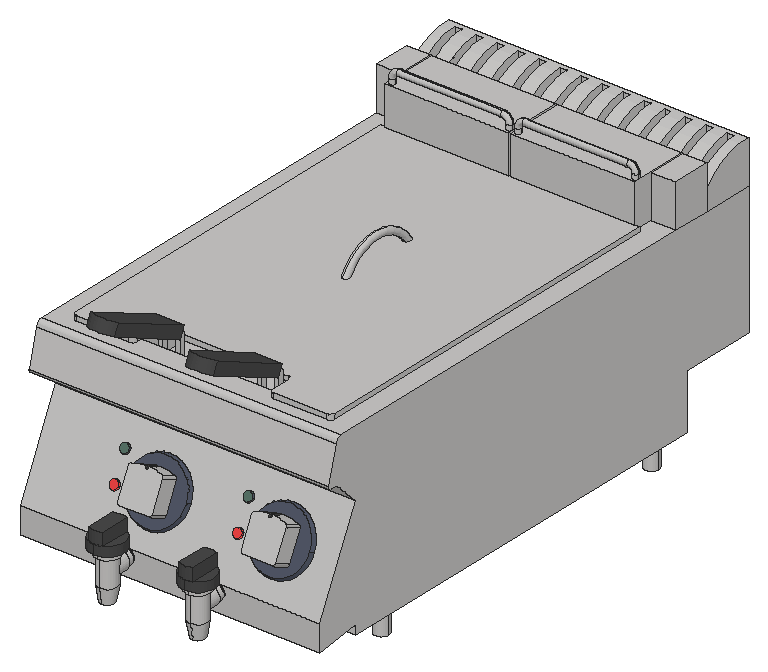
Revit family "QF_ZANUSSI_372074_Z7FRED2A00", category Specialty Equipment, Revit 2018 (continued)
Automatic sketch dimensions
  Revolve 33 sketch curve to Revolve 33 sketch curve = 6.35 mm
  plane 9 "BASE" to Revolve 33 sketch curve = 12.388 mm
  Revolve 33 sketch curve to Revolve 33 sketch curve = 36.341 mm
  Revolve 33 sketch curve to Revolve 33 sketch curve = 7.879 mm
  Revolve 33 sketch curve to Revolve 33 sketch curve = 12.7 mm  (x2)
  Revolve 33 sketch curve to Revolve 33 sketch curve = 0 mm
  Revolve 33 sketch curve to Revolve 33 sketch curve = 15.064 mm
  plane 5 "FRONT" to Revolve 34 sketch curve = 34.322 mm
  plane 5 "FRONT" to Revolve 34 sketch curve = 12.357 mm
  plane 5 "FRONT" to Revolve 34 sketch curve = 3.364 mm
  Revolve 34 sketch curve to plane 5 "FRONT" = 16.478 mm
  plane 9 "BASE" to Revolve 34 sketch curve = 19.447 mm
  Revolve 34 sketch curve to Revolve 34 sketch curve = 1.702 mm
  Revolve 34 sketch curve to Revolve 34 sketch curve = 2.047 mm
  Revolve 34 sketch curve to Revolve 34 sketch curve = 12.303 mm
  Revolve 34 sketch curve to Revolve 34 sketch curve = 0 mm  (x2)
  Revolve 34 sketch curve to Revolve 34 sketch curve = 9.137 mm
  Extrusion 35 sketch curve to Extrusion 35 sketch curve = 0 mm  (x5)
  Extrusion 35 sketch curve to Extrusion 35 sketch curve = 20.063 mm  (x2)
  Revolve 31 to Extrusion 35 sketch curve = 9.626 mm
  Extrusion 35 sketch curve to Revolve 31 = 9.626 mm
  Extrusion 35 sketch curve to Extrusion 35 sketch curve = 101.399 mm
  Extrusion 35 sketch curve to Extrusion 35 sketch curve = 9.626 mm
  plane 9 "BASE" to Extrusion 36 sketch curve = 33.906 mm
  plane 3 "LEFT" to Extrusion 36 sketch curve = 62.029 mm
  plane 5 "FRONT" to Extrusion 37 sketch curve = 0 mm  (x2)
  plane 1 "BACK" to Extrusion 37 sketch curve = 0 mm
  Extrusion 37 sketch curve to plane 3 "LEFT" = 0 mm
  Extrusion 37 sketch curve to plane 4 "RIGHT" = 0 mm
  Extrusion 37 sketch curve to plane 3 "LEFT" = 150.019 mm
  plane 4 "RIGHT" to Extrusion 37 sketch curve = 150.019 mm
  Extrusion 37 sketch curve to plane 1 "BACK" = 150.019 mm
  curve 119 to curve 120 = 0 mm
  curve 121 to curve 122 = 0 mm
  curve 167 to plane 4 "RIGHT" = 0 mm
  plane 5 "FRONT" to curve 164 = 0 mm
  plane 5 "FRONT" to curve 162 = 0 mm
  plane 5 "FRONT" to curve 165 = 0 mm
  plane 1 "BACK" to curve 4 = 0 mm
  curve 4 to plane 3 "LEFT" = 0 mm
  curve 80 to plane 3 "LEFT" = 0 mm
  plane 4 "RIGHT" to curve 3 = 150.019 mm
  curve 11 to plane 4 "RIGHT" = 13.453 mm
  curve 11 to curve 14 = 9.296 mm
  curve 75 to plane 4 "RIGHT" = 26.988 mm
  curve 75 to curve 88 = 4.762 mm
  plane 12 to curve 87 = 0.124 mm
  curve 75 to curve 87 = 6.35 mm
  curve 74 to curve 74 = 6.35 mm
  curve 85 to curve 134 = 4.26 mm
  curve 87 to curve 60 = 8.104 mm
  curve 59 to curve 62 = 9.296 mm
  curve 164 to plane 4 "RIGHT" = 51.037 mm
  curve 60 to curve 55 = 18.693 mm
  curve 55 to curve 56 = 9.296 mm
  curve 56 to curve 52 = 18.693 mm
  curve 163 to curve 73 = 6.151 mm
  curve 51 to curve 52 = 9.296 mm
  curve 72 to curve 99 = 6.35 mm
  curve 71 to curve 90 = 5.908 mm
  curve 90 to curve 70 = 0.442 mm
  curve 70 to curve 111 = 3.662 mm
  curve 52 to curve 48 = 18.693 mm
  curve 110 to curve 112 = 5.857 mm
  curve 47 to curve 50 = 9.296 mm
  curve 90 to curve 121 = 21.055 mm
  curve 111 to curve 107 = 17.363 mm
  curve 107 to curve 108 = 5.857 mm
  curve 121 to curve 92 = 16.18 mm
  plane 1 "BACK" to curve 43 = 6.761 mm
  curve 49 to curve 43 = 18.693 mm
  curve 43 to curve 45 = 9.296 mm
  plane 1 "BACK" to curve 42 = 6.761 mm
  plane 7 "Center Y" to curve 42 = 18.642 mm
  curve 39 to curve 40 = 9.296 mm
  plane 7 "Center Y" to curve 131 = 5.848 mm
  plane 7 "Center Y" to curve 116 = 4.443 mm
  curve 118 to plane 7 "Center Y" = 0.006 mm
  curve 127 to plane 7 "Center Y" = 5.848 mm
  curve 35 to plane 7 "Center Y" = 9.346 mm
  curve 35 to curve 38 = 9.296 mm
  plane 1 "BACK" to curve 34 = 6.761 mm
  curve 37 to curve 34 = 18.693 mm
  curve 31 to curve 34 = 9.296 mm
  plane 5 "FRONT" to curve 94 = 17.411 mm
  curve 94 to plane 7 "Center Y" = 47.32 mm
  curve 94 to curve 105 = 4.079 mm
  curve 94 to curve 120 = 9.83 mm
  curve 104 to curve 106 = 5.857 mm
  curve 32 to curve 28 = 18.693 mm
  curve 105 to curve 101 = 17.363 mm
  curve 27 to curve 30 = 9.296 mm
  curve 101 to curve 102 = 5.857 mm
  curve 102 to curve 69 = 3.662 mm
  curve 68 to curve 96 = 0.417 mm
  curve 100 to curve 67 = 5.933 mm
  curve 28 to curve 24 = 18.693 mm
  curve 66 to curve 66 = 6.35 mm
  curve 23 to curve 26 = 9.296 mm
  plane 1 "BACK" to curve 22 = 6.761 mm
  curve 25 to curve 22 = 18.693 mm
  curve 19 to curve 20 = 9.296 mm
  curve 20 to curve 15 = 18.693 mm
  curve 15 to curve 18 = 9.296 mm
  curve 127 to plane 12 = 10.711 mm
  plane 3 "LEFT" to curve 127 = 37.598 mm
  plane 3 "LEFT" to curve 65 = 33.338 mm
  curve 127 to curve 77 = 5.873 mm
  curve 64 to curve 63 = 6.375 mm
  plane 1 "BACK" to curve 10 = 6.761 mm
  curve 17 to curve 10 = 18.693 mm
  curve 7 to curve 8 = 9.296 mm
  curve 1 to plane 3 "LEFT" = 150.019 mm
  curve 2 to plane 1 "BACK" = 150.019 mm
  plane 1 "BACK" to curve 61 = 6.761 mm
  plane 1 "BACK" to curve 58 = 6.761 mm
  plane 1 "BACK" to curve 11 = 6.761 mm
  plane 1 "BACK" to curve 54 = 6.761 mm
  plane 1 "BACK" to curve 15 = 6.761 mm
  plane 1 "BACK" to curve 50 = 6.761 mm
  plane 1 "BACK" to curve 23 = 6.761 mm
  plane 1 "BACK" to curve 27 = 6.761 mm
  plane 1 "BACK" to curve 38 = 6.761 mm
  curve 33 to curve 33 = 57.15 mm
  curve 29 to curve 32 = 0 mm
  curve 31 to curve 35 = 0 mm
  curve 25 to curve 28 = 0 mm
  curve 35 to curve 39 = 0 mm
  curve 21 to curve 24 = 0 mm
  curve 39 to curve 43 = 0 mm
  curve 17 to curve 20 = 0 mm
  curve 43 to curve 47 = 0 mm
  curve 13 to curve 13 = 57.15 mm
  curve 47 to curve 51 = 0 mm
  curve 9 to curve 16 = 0 mm
  curve 51 to curve 55 = 0 mm
  curve 55 to curve 61 = 0 mm
  curve 7 to curve 78 = 5.939 mm
  curve 89 to plane 12 = 26.988 mm
  curve 77 to plane 12 = 26.988 mm
  curve 134 to plane 12 = 10.711 mm
  curve 134 to plane 12 = 3.056 mm
  curve 130 to plane 12 = 3.056 mm
  plane 12 to curve 75 = 0.124 mm
  plane 8 "Center X" to curve 116 = 38.031 mm
  curve 115 to plane 8 "Center X" = 63.432 mm
  plane 11 to curve 69 = 26.127 mm
  curve 68 to curve 102 = 3.174 mm
  curve 70 to curve 112 = 3.174 mm
  curve 101 to curve 105 = 0 mm
  curve 107 to curve 111 = 0 mm
  curve 108 to curve 92 = 6.263 mm
  curve 68 to curve 96 = 3.087 mm
  plane 11 to curve 63 = 57.852 mm
  curve 90 to curve 99 = 22.313 mm
  plane 5 "FRONT" to curve 95 = 17.411 mm
  curve 162 to curve 92 = 17.411 mm
  curve 163 to curve 90 = 17.411 mm
  curve 93 to curve 121 = 15.515 mm
  curve 94 to curve 119 = 15.515 mm
  curve 90 to curve 122 = 2.624 mm
  curve 122 to curve 126 = 8.805 mm
  curve 114 to plane 5 "FRONT" = 0.025 mm
  curve 114 to curve 93 = 0 mm
  curve 121 to curve 125 = 9.626 mm
  curve 121 to curve 93 = 0.096 mm
  curve 114 to curve 93 = 3.442 mm
  curve 162 to curve 114 = 3.442 mm
  plane 7 "Center Y" to curve 84 = 1.587 mm
  curve 83 to plane 7 "Center Y" = 1.588 mm
  curve 162 to plane 7 "Center Y" = 16.037 mm
  curve 113 to plane 5 "FRONT" = 0.025 mm
  curve 113 to curve 113 = 3.442 mm
  curve 97 to curve 113 = 3.442 mm
  curve 94 to curve 123 = 0.205 mm
  curve 113 to curve 97 = 0 mm
  curve 119 to curve 124 = 9.626 mm
  curve 120 to curve 95 = 7.129 mm
  curve 82 to curve 78 = 1.588 mm
  curve 59 to curve 87 = 5.939 mm
  curve 86 to curve 83 = 0 mm
  curve 91 to curve 98 = 22.313 mm
  curve 168 to curve 5 = 15 mm
  curve 166 to plane 5 "FRONT" = 15 mm
  curve 167 to plane 5 "FRONT" = 15 mm
  plane 5 "FRONT" to curve 1 = 1.377 mm
  plane 5 "FRONT" to curve 3 = 1.377 mm
  plane 5 "FRONT" to curve 93 = 6.687 mm
  plane 5 "FRONT" to curve 97 = 6.687 mm
  curve 113 to curve 97 = 6.713 mm
  curve 93 to curve 114 = 4.011 mm
  curve 94 to curve 123 = 0.138 mm
  curve 121 to curve 125 = 7.209 mm
  plane 5 "FRONT" to curve 163 = 0 mm
  curve 164 to curve 163 = 46 mm
  radius of Sweep 7 sketch curve = 4.353 mm
  radius of Blend 38 sketch curve = 42.5 mm
  radius of Blend 38 sketch curve = 40.5 mm
  radius of Extrusion 41 sketch curve = 6 mm
  radius of Split face 1 sketch curve = 1.5 mm
  radius of Split face 2 sketch curve = 1.5 mm
  radius of Split face 3 sketch curve = 1.5 mm
  radius of Split face 4 sketch curve = 1.5 mm
  radius of Split face 5 sketch curve = 1.5 mm
  radius of Split face 6 sketch curve = 1.5 mm
  radius of Split face 7 sketch curve = 1.5 mm
  radius of Split face 8 sketch curve = 1.5 mm
  radius of Blend 43 sketch curve = 42.5 mm
  radius of Blend 43 sketch curve = 40.5 mm
  radius of Split face 9 sketch curve = 1.5 mm
  radius of Split face 10 sketch curve = 1.5 mm
  radius of Split face 11 sketch curve = 1.5 mm
  radius of Split face 12 sketch curve = 1.5 mm
  radius of Split face 13 sketch curve = 1.5 mm
  radius of Split face 14 sketch curve = 1.5 mm
  radius of Split face 15 sketch curve = 1.5 mm
  radius of Split face 16 sketch curve = 1.5 mm
  radius of Split face 17 sketch curve = 1.5 mm
  radius of Split face 18 sketch curve = 1.5 mm
  radius of Extrusion 47 sketch curve = 6 mm
  radius of Extrusion 48 sketch curve = 6 mm
  radius of Extrusion 49 sketch curve = 6 mm
  radius of Sweep 8 sketch curve = 3.827 mm
  radius of Sweep 9 sketch curve = 3.827 mm
  radius of Extrusion 24 sketch curve = 9.525 mm  (x4)
  radius of Extrusion 35 sketch curve to Revolve 31 = 0 mm  (x2)
  radius of Extrusion 36 sketch curve = 12.7 mm
Connectors
  electrical at (62.029, -88.9, 58.906), driven by "Volts", driven by "Watts"
    settings: on Extrusion 36, index 1, voltage 400 V, apparent load 9000 VA, apparent load phase1 0 VA, apparent load phase2 0 VA, apparent load phase3 0 VA, power factor 1, load classification "Other", number of poles 1, system type 30, power factor state 1, is connector primary yes, connector utility no, sub classification motor no, connector description "Electrical Connection"
